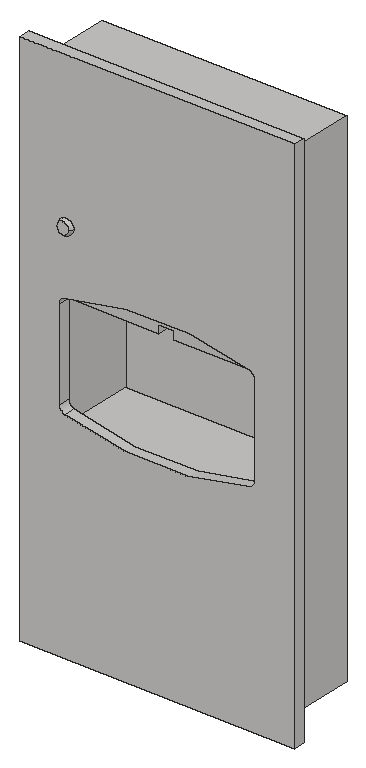
Revit family "Paper Dispenser and Waste_Metlam_Recessed_6.5L Waste", category Specialty Equipment, Revit 2016
Family settings
  Part Type = Normal
  Round Connector Dimension = Use Diameter
  OmniClass Number = 23.40.20.21.17
  OmniClass Title = Paper Towel Dispensers, Disposal Units
  Work Plane-Based = No
  Always vertical = Yes
  Cut with Voids When Loaded = Yes
  Shared = No
  Room Calculation Point = Yes
Parameters (values of type "365w x 112d x 720h (ML710_RECMK2)")
  URL = "http://www.metlam.com.au/"
  Type Comments = "2 in 1 Combo Units"  # constant formula
  Model = "ML710_RECMK2"
  Material_ANZRS = z_Metlam_Metal_Stainless Steel_Satin
  Manufacturer_URL__Product Specific = "https://metlam.com.au/product/content/paper-towel-dispenser-comb-units/ML710_RECMK2"
  Manufacturer_Spec Code = Model  # "ML710_RECMK2"
  Manufacturer_Overall Width = 365 mm  # constant formula
  Manufacturer_Overall Height = 720 mm  # constant formula
  Manufacturer_Overall Depth = 112 mm  # constant formula
  Manufacturer_Height From FFL [instance] = 930 mm
  Manufacturer = "Metlam"  # constant formula
  Description = "Paper Towel Dispenser & Waste Receptacle\r\nPaper Towel Dispenser & Waste Receptacle\r\nPaper Towel Dispenser & Waste Receptacle\r\nPaper Towel Dispenser & Waste Receptacle - Recessed"
  CreatedBy_ANZRS = "IGS BIM Solutions"  # constant formula
  CreatedByURL_ANZRS = "http://www.igsgroup.com.au/"
  Assembly Code = ""
Reference planes
  plane 1 "Back": y = 0
  plane 2 "Ref. Level": z = 0
  plane 3 "Center (Left/Right)": x = 0
  plane 4 "Left": x = -182.5
  plane 5 "Right": x = 182.5
  plane 6 "Recessed Flush_Back": y = -97
  plane 7 "Front": y = -112
  plane 8 "Top": z = 1650
  plane 9 "Mounting Height": z = 1350.1
  plane 10 "Bottom": z = 930
Forms (mm)
  Extrusion 1, solid, material "z_Metlam_Metal_Stainless Steel_Satin" <- "Material_ANZRS"
    sketch origin (0, 0, 1324.9) x (1, 0, 0) y (0, 0, 1)
      loop
        line (-162, -372.4) -> (162, -372.4) -> (162, 302.6) -> (-162, 302.6) -> (-162, -372.4)
      loop
        line (-160, -370.4) -> (160, -370.4) -> (160, 300.6) -> (-160, 300.6) -> (-160, -370.4)
    from 0 to 97
  Extrusion 2, solid, material "z_Metlam_Metal_Stainless Steel_Satin" <- "Material_ANZRS"
    sketch origin (0, 0, 1324.9) x (1, 0, 0) y (0, 0, 1)
      loop
        line (-162, -372.4) -> (162, -372.4) -> (162, 302.6) -> (-162, 302.6) -> (-162, -372.4)
    from 0 to 2
  Extrusion 3, solid, material "z_Metlam_Metal_Stainless Steel_Satin" <- "Material_ANZRS"
    sketch origin (0, 0, 1324.9) x (1, 0, 0) y (0, 0, 1)
      loop
        line (182.5, 325.1) -> (-182.5, 325.1) -> (-182.5, -394.9) -> (182.5, -394.9) -> (182.5, 325.1)
      loop
        arc (-122.84, 34.789) -> (-128.013, 31.184) -> (-130, 25.201) r 10
        line (-130, 25.201) -> (-130, -95)
        arc (-130, -95) -> (-128.013, -100.983) -> (-122.84, -104.588) r 10
        arc (-122.84, -104.588) -> (0, -122.4) -> (122.84, -104.588) r 432.5
        arc (122.84, -104.588) -> (128.013, -100.983) -> (130, -95) r 10
        line (130, -95) -> (130, 25.201)
        arc (130, 25.201) -> (128.013, 31.184) -> (122.84, 34.789) r 10
        arc (122.84, 34.789) -> (0, 52.6) -> (-122.84, 34.789) r 432.5
    from 97 to 112
  Extrusion 4, solid, material "z_Metlam_Metal_Stainless Steel_Satin" <- "Material_ANZRS"
    sketch origin (0, 70, 2114.9) x (1, 0, 0) y (0, 0, 1)
      loop
        line (-130, -737.4) -> (-130, -764.799) -> (-10, -764.799) -> (-10, -754.799) -> (10, -754.799) -> (10, -764.799) -> (130, -764.799) -> (130, -737.4) -> (-130, -737.4)
    from 167 to 152
  Extrusion 5, void
    sketch origin (0, -112, 494.9) x (1, 0, 0) y (0, 0, 1)
      loop
        line (-162, 1137.6) -> (-162, 452.6) -> (162, 452.6) -> (162, 1137.6) -> (-162, 1137.6)
    from -112 to -15
  Extrusion 6, solid, material "z_Metlam_Metal_Stainless Steel_Satin" <- "Material_ANZRS"
    sketch origin (0, 0, 1324.9) x (1, 0, 0) y (0, 0, 1)
      loop
        line (-130, 52.6) -> (-130, -122.4) -> (130, -122.4) -> (130, 52.6) -> (-130, 52.6)
      loop
        line (-131.6, 54.2) -> (-131.6, -124) -> (131.6, -124) -> (131.6, 54.2) -> (-131.6, 54.2)
    from 2 to 97
  Blend 7, solid, material "z_Metlam_Metal_Stainless Steel_Satin" <- "Material_ANZRS", detail levels medium+fine
    base sketch origin (0, -112, 494.9) x (1, 0, 0) y (0, 0, 1)
      loop
        circle (-121.537, 950.198) r 10
    top sketch origin (0, -112, 494.9) x (1, 0, 0) y (0, 0, 1)
      loop
        circle (-121.537, 950.198) r 8
    from 0 to 4.649
Cuts and joins
  joined: Extrusion 1, Extrusion 2
Lines and regions (mm)
  Masking region 1
    outline origin (0, 0, 0) x (1, 0, 0) y (0, 1, 0)
      loop
        line (-162, 0) -> (-162, -97) -> (-182.5, -97) -> (-182.5, -112) -> (182.5, -112) -> (182.5, -97) -> (162, -97) -> (162, 0) -> (-162, 0)
  symbolic lines, style "Bathroom Fixtures", detail levels medium+fine
    curve 1: line (-182.5, -97, 0) -> (-162, -97, 0)
    curve 2: line (-162, -97, 0) -> (162, -97, 0)
Text (mm)
  text "> Contact Manufacturer to confirm feasibility of design variations outside the scope of this Revit Family\n\n\n\nDisclaimer:\n\nDue to ongoing product development and manufacturing evolution, product details are subject to change without notice. Please refer to product technical data sheets on the manufacturer’s website for the most current product information. Please allow a +/- 5mm manufacturing tolerance for dimensions and set-outs shown in product literature." at (317.526, 96.237, 0), in view "Ref. Level_Instruction"
Dimensions and locks
  equal spacing: plane 4 "Left", plane 3 "Center (Left/Right)", plane 5 "Right"
  "Manufacturer_Overall Width": plane 4 "Left" to plane 5 "Right"
  "Manufacturer_Overall Depth": plane 7 "Front" to plane 1 "Back"
  Extrusion 1 sketch curve to Extrusion 1 sketch curve to plane 10 "Bottom" = 2 mm locked, 22.5 mm locked
  plane 8 "Top" to Extrusion 1 sketch curve to Extrusion 1 sketch curve = 22.5 mm locked, 2 mm locked
  Extrusion 1 sketch curve to Extrusion 1 sketch curve to plane 4 "Left" = 2 mm locked, 20.5 mm locked
  Extrusion 1 sketch curve to Extrusion 1 sketch curve to plane 5 "Right" = 2 mm locked, 20.5 mm locked
  "Manufacturer_Height From FFL": plane 10 "Bottom" to level
  "Manufacturer_Overall Height": plane 8 "Top" to plane 10 "Bottom"
  locked: Extrusion 3 sketch curve to Extrusion 3 sketch curve at 52.5  (x2)
  locked: Extrusion 3 sketch curve to Extrusion 3 sketch curve at 272.5  (x2)
  locked: plane 9 "Mounting Height" to plane 10 "Bottom" at 420.1
  aligned and locked: plane 2 "Ref. Level" to level
  aligned and locked: Extrusion 3 sketch curve to plane 8 "Top"
  aligned and locked: Extrusion 2 sketch curve to cut or joined group of Extrusion 1, Extrusion 2  (x4)
  aligned and locked: plane 7 "Front" to Extrusion 3
  aligned and locked: Extrusion 3 to plane 6 "Recessed Flush_Back"
  aligned and locked: Extrusion 5 to cut or joined group of Extrusion 1, Extrusion 2  (x3)
  aligned and locked: Extrusion 5 to Extrusion 3
  aligned and locked: plane 6 "Recessed Flush_Back" to Extrusion 6
  aligned and locked: Extrusion 6 to cut or joined group of Extrusion 1, Extrusion 2
  aligned and locked: Extrusion 3 sketch curve to plane 10 "Bottom"
  aligned and locked: plane 6 "Recessed Flush_Back" to Extrusion 4
  aligned and locked: plane 8 "Top" to Extrusion 3  (x2)
  aligned and locked: Extrusion 3 to plane 4 "Left"
  aligned and locked: Extrusion 3 to plane 5 "Right"
  aligned and locked: Extrusion 3 to plane 10 "Bottom"  (x2)
  aligned and locked: plane 4 "Left" to Extrusion 3 sketch curve
  aligned and locked: plane 5 "Right" to Extrusion 3 sketch curve
  aligned and locked: Blend 7 to Extrusion 3
  aligned and locked: Masking region 1 sketch curve to cut or joined group of Extrusion 1, Extrusion 2  (x3)
  aligned and locked: Masking region 1 sketch curve to Extrusion 3  (x3)
  aligned and locked: Extrusion 5 to plane 1 "Back"
  aligned and locked: curve 1 to curve 2
  aligned and locked: Extrusion 3 to Masking region 1 sketch curve
Automatic sketch dimensions
  Extrusion 3 sketch curve to Extrusion 3 sketch curve = 7.16 mm  (x2)
  Extrusion 3 sketch curve to Extrusion 3 sketch curve = 0 mm  (x4)
  Extrusion 3 sketch curve to Extrusion 3 sketch curve = 10 mm
  Extrusion 3 sketch curve to Extrusion 3 sketch curve = 2.84 mm  (x2)
  Extrusion 3 sketch curve to plane 8 "Top" = 15 mm
  plane 9 "Mounting Height" to Extrusion 3 sketch curve = 0 mm
  plane 4 "Left" to Extrusion 4 sketch curve = 52.5 mm
  Extrusion 4 sketch curve to plane 3 "Center (Left/Right)" = 10 mm
  plane 3 "Center (Left/Right)" to Extrusion 4 sketch curve = 10 mm
  Extrusion 4 sketch curve to plane 9 "Mounting Height" = 27.4 mm
  plane 5 "Right" to Extrusion 4 sketch curve = 52.5 mm
  Extrusion 4 sketch curve to plane 9 "Mounting Height" = 10 mm
  plane 4 "Left" to Extrusion 5 sketch curve = 20.5 mm
  plane 5 "Right" to Extrusion 5 sketch curve = 20.5 mm
  Extrusion 5 sketch curve to plane 8 "Top" = 17.5 mm
  plane 4 "Left" to Extrusion 6 sketch curve = 50.9 mm
  Extrusion 6 sketch curve to Extrusion 6 sketch curve = 1.6 mm  (x4)
  plane 5 "Right" to Extrusion 6 sketch curve = 52.5 mm
  plane 10 "Bottom" to Extrusion 6 sketch curve = 270.9 mm
  Extrusion 6 sketch curve to plane 9 "Mounting Height" = 27.4 mm
  Extrusion 3 sketch curve to plane 3 "Center (Left/Right)" = 0 mm
  plane 10 "Bottom" to Extrusion 5 sketch curve = 17.5 mm
  Extrusion 4 sketch curve to Extrusion 4 sketch curve = 10 mm  (x2)
  Blend 7 sketch curve to plane 9 "Mounting Height" = 94.997 mm  (x2)
  plane 4 "Left" to Blend 7 sketch curve = 60.963 mm  (x2)
  plane 6 "Recessed Flush_Back" to curve 2 = 0 mm
  plane 4 "Left" to curve 2 = 20.5 mm
  plane 5 "Right" to curve 2 = 20.5 mm
  curve 1 to plane 4 "Left" = 0 mm
  plane 6 "Recessed Flush_Back" to Masking region 1 sketch curve = 0 mm
  radius of Blend 7 sketch curve = 10 mm
  radius of Blend 7 sketch curve = 8 mm
